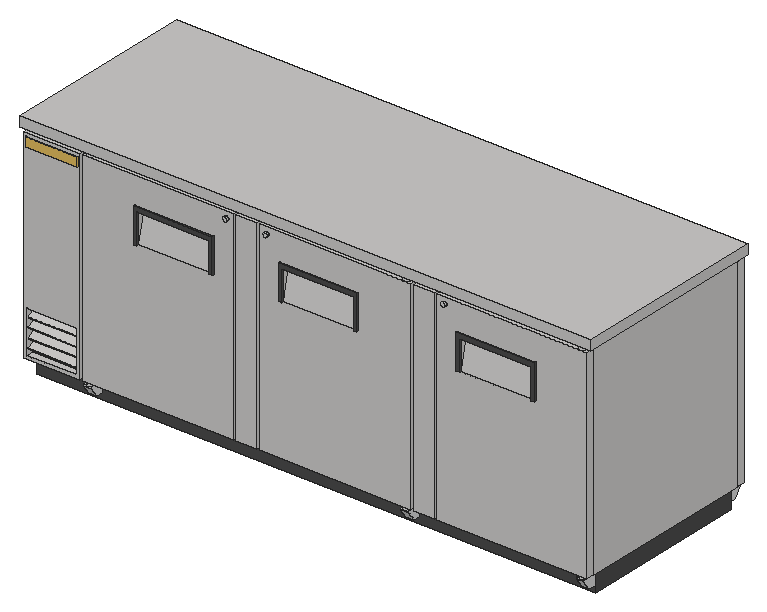
Revit family
Parameters
  Weight = "545 lbs."
  Watts = Volts * FL Amps  # 1012 W
  Volts = 115 V
  URL Manufacturer = "www.truemfg.com"
  URL Cutsheet = "www.truemfg.com"
  URL = "www.truemfg.com"
  Type Mark [instance] = ""
  Type Comments = ""
  Status [instance] = ""
  Specification by User [instance] = ""
  Specification by Manufacturer = ""
  Show Seismic Flanged [instance] = no
  Show Logo [instance] = yes
  Show Legs [instance] = no
  Show Clearance [instance] = yes
  Serial Number = ""
  Seismic Rating = ""
  Seismic Plate [instance] = and(Show Seismic Flanged, not(Show Casters))  # no
  SMACNA No = ""
  Revision Code [instance] = ""
  Phase = 1
  Omniclass Number and Title = ""
  Number of Poles [instance] = 1
  NAFEM Spec ID Number = ""
  Model = "TBB-4PT-S"
  Min Ckt Ampacity = 8.8 A
  Max Overcurrent Protection = 13.8 A
  MasterSpec. = ""
  Manufacturer = "TRUE FOOD SERVICE EQUIPMENT, INC."
  Legs [instance] = or(Show Legs, Show Seismic Flanged)  # no
  Item Number [instance] = ""
  Installed By [instance] = ""
  Identify Quantity as Lot [instance] = yes
  HP = "1/2"
  Furnished By [instance] = ""
  Foodservice Equipment Identifier [instance] = yes
  FL Amps = 8.8 A
  Electrical Remarks [instance] = ""
  Electric Connection Type [instance] = ""
  Elec Conn RI Height [instance] = 0"
  Elec Conn Connection Height [instance] = 12"
  Description = "Underbar Refrigeration Solid Swing Door Stainless Steel Pass-Thru Back Bar Cooler"
  Show Default Legs [instance] = yes
  Cycle = 60 Hz
  Conn Plug NEMA = "NEMA 5-15P"
  Conn Conduit = yes
  Show Casters [instance] = and(not(if(Show Default Legs, Show Default Legs, Show Legs)), not(if(Show Default Legs, Show Default Legs, Show Seismic Flanged)))  # no
  CSI MasterFormat = ""
  CSI Master Format = ""
  Base Height [instance] = if(Show Casters, 5", if(Legs, 6", 0"))  # 0"
  Apparent Power = if(Phase = 3, Volts * FL Amps * 1.73, Volts * FL Amps)  # 1012 VA
Reference planes (in)
  plane 1 "BACK": y = 0
  plane 2: z = 0
  plane 3 "LEFT": x = 0
  plane 4 "RIGHT": x = 90.3125
  plane 5 "FRONT": y = -30.9375
  plane 6 "TOP": z = 37
  plane 7: z = 0
Dimensions and locks (in)
  "Base Height": plane 7 to level
  plane 4 "RIGHT" to plane 3 "LEFT" = 90 5/16"  (x2)
  plane 6 "TOP" to level = 37"  (x3)
  plane 2 to plane 6 "TOP" = 37"
  plane 1 "BACK" to plane 5 "FRONT" = 30 15/16"
  plane 5 "FRONT" to plane 1 "BACK" = 30 15/16"  (x2)
  nested 1 to nested 1 = 90 5/16"
  aligned and locked: level to plane 2
  aligned and locked: plane 7 to nested 1
Nested families (in)
  nested 1: "TBB-4PT-S" at (0, -0.71875, -6), Show Logo <- "Show Logo", Show Legs <- "Show Legs", Show Clearance <- "Show Clearance", Show Casters <- "Show Casters", Seismic Plate <- "Seismic Plate", Legs <- "Legs", type "TBB-4PT-S"
    with Type Mark "", Specification by User "", Show Logo yes, Show Legs no, Show Clearance yes, Show Casters no, Seismic Plate no, Revision Code "", Logo yes, Legs no, Item Number "", Installed By "", Identify Quantity as Lot yes, Furnished By "", Foodservice Equipment Identifier yes
Connectors (in)
  electrical at (5.06169, 0.0625, 12), driven by "Volts", driven by "Watts"
    settings: on nested 1, index 1, voltage 115 V, apparent load 1012 VA, apparent load phase1 0 VA, apparent load phase2 0 VA, apparent load phase3 0 VA, power factor 1, load classification "Other", number of poles 1, system type 30, power factor state 1, is connector primary yes, connector utility no, sub classification motor no, connector description "Electrical Connection"
Definition of nested family "TBB-4PT-S"
  Parameters (values of type "TBB-4PT-S")
    URL = "www.truemfg.com"
    Type Mark [instance] = ""
    Type Comments = "www.truemfg.com"
    Specification by User [instance] = ""
    Specification by Manufacturer = ""
    Show Logo [instance] = yes
    Show Legs [instance] = yes
    Show Clearance [instance] = yes
    Show Casters [instance] = yes
    Serial Number = ""
    Seismic Rating = ""
    Seismic Plate [instance] = no
    SMACNA No = ""
    Revision Code [instance] = ""
    Omniclass Number and Title = ""
    NAFEM Spec ID Number = ""
    Model = "TBB-4PT-S"
    MasterSpec. = ""
    Manufacturer = "TRUE FOOD SERVICE EQUIPMENT, INC."
    Logo [instance] = yes
    Legs [instance] = no
    Item Number [instance] = ""
    Installed By [instance] = ""
    Identify Quantity as Lot [instance] = yes
    Furnished By [instance] = ""
    Foodservice Equipment Identifier [instance] = yes
    Description = "Underbar Refrigeration Solid Swing Door Stainless Steel Pass-Thru Back Bar Cooler"
    CSI MasterFormat = ""
    CSI Master Format = ""
    Assembly Code = ""
  Reference planes (in)
    plane 1: z = 0
    plane 2 "LEFT": x = 0
    plane 3 "RIGHT": x = 90.3125
    plane 4 "FRONT": y = -30.21875
    plane 5 "TOP": z = 43
    plane 6: z = 6
    plane 7 "BACK": y = 0.71875
  Forms (in)
    Extrusion 1, solid, material "QF_Finishes_Black"
      sketch origin (0, -2.21875, 1) x (0, 1, 0) y (0, 0, 1)
        loop
          line (0.84375, 8) -> (-25.90625, 8) -> (-25.90625, 5) -> (0.84375, 5) -> (0.84375, 8)
      from 1 to 89.3125
    Extrusion 2, solid, material "QF_Finishes_Stainless Steel", visible <- "Seismic Plate"
      sketch origin (-0.22541, -24.4251, 0) x (1, 0, 0) y (0, 1, 0)
        loop
          circle (87.37853, 21.33795) r 1.5
        loop
          circle (3.30142, 21.33795) r 1.5
        loop
          circle (87.37853, -1.98271) r 1.5
        loop
          circle (3.30142, -1.98271) r 1.5
      from 0 to 0.25
    Extrusion 3, solid, material "QF_Finishes_Stainless Steel"
      sketch origin (0, 0, 0) x (1, 0, 0) y (0, 1, 0)
        loop
          line (0.65625, -28.96875) -> (89.65625, -28.96875) -> (89.65625, -0.53125) -> (0.65625, -0.53125) -> (0.65625, -28.96875)
      from 9 to 41.5
    Extrusion 4, solid, material "QF_Finishes_Stainless Steel"
      sketch origin (0, 0, 24) x (1, 0, 0) y (0, 1, 0)
        loop
          line (0, 0.71875) -> (0, -30.21875) -> (90.3125, -30.21875) -> (90.3125, 0.71875) -> (0, 0.71875)
      from 17.5 to 19
    Revolve 5, solid, material "QF_Finishes_Stainless Steel", visible <- "Legs"
      sketch origin (89.19481, -3.18273, 0) x (-1, 0, 0) y (0, 0, 1)
        loop
          line (2, 6) -> (0.53856, 6) -> (1.25, 1) -> (1.5, 1) -> (1.5, 0) -> (2, 0) -> (2, 6)
        axis (2, 0) -> (2, 6)
      angle from 0 to 360
    Revolve 6, solid, material "QF_Finishes_Stainless Steel", visible <- "Legs"
      sketch origin (1.11769, -3.18273, 0) x (1, 0, 0) y (0, 0, -1)
        loop
          line (2, -6) -> (2, 0) -> (1.5, 0) -> (1.5, -1) -> (1.25, -1) -> (0.53856, -6) -> (2, -6)
        axis (2, 0) -> (2, -6)
      angle from 0 to 360
    Extrusion 7, solid, material "QF_Finishes_Stainless Steel"
      sketch origin (0, -29.21875, 7.375) x (0, 0, -1) y (1, 0, 0)
        loop
          line (-33.625, 62.28125) -> (-1.625, 62.28125) -> (-1.625, 65.5625) -> (-33.625, 65.5625) -> (-33.625, 62.28125)
        loop
          line (-1.625, 89.65625) -> (-33.625, 89.65625) -> (-33.625, 65.98238) -> (-1.625, 65.98238) -> (-1.625, 89.65625)
        loop
          line (-33.625, 9.87898) -> (-1.625, 9.87898) -> (-1.625, 33.76761) -> (-33.625, 33.76761) -> (-33.625, 9.87898)
        loop
          line (-1.625, 9.50398) -> (-33.625, 9.50398) -> (-33.625, 0.65625) -> (-1.625, 0.65625) -> (-1.625, 9.50398)
        loop
          line (-2.125, 1.15625) -> (-2.125, 9.00398) -> (-8.875, 9.00398) -> (-8.875, 1.15625) -> (-2.125, 1.15625)
        loop
          line (-33.625, 34.1875) -> (-1.625, 34.1875) -> (-1.625, 37.46875) -> (-33.625, 37.46875) -> (-33.625, 34.1875)
        loop
          line (-1.625, 61.875) -> (-33.625, 61.875) -> (-33.625, 37.875) -> (-1.625, 37.875) -> (-1.625, 61.875)
      from -0.14246 to 1
    Extrusion 8, solid, material "QF_Finishes_Stainless Steel"
      sketch origin (1, -2.99818, 1) x (0, -1, 0) y (0, 0, 1)
        loop
          line (27.14294, 14.02072) -> (25.97057, 14.69759) -> (25.97057, 14.40892) -> (27.01794, 13.80421) -> (27.14294, 14.02072)
        loop
          line (27.14294, 12.52072) -> (25.97057, 13.19759) -> (25.97057, 12.90891) -> (27.01794, 12.30421) -> (27.14294, 12.52072)
        loop
          line (27.14294, 11.02072) -> (25.97057, 11.69759) -> (25.97057, 11.40891) -> (27.01794, 10.80421) -> (27.14294, 11.02072)
        loop
          line (27.14294, 9.52072) -> (25.97057, 10.19759) -> (25.97057, 9.90892) -> (27.01794, 9.30421) -> (27.14294, 9.52072)
      from -8.00398 to -0.15625
    Extrusion 9, void
      sketch origin (18.09773, -2.99818, 1) x (0, 1, 0) y (0, 0, 1)
        loop
          line (-27.22057, 35.0625) -> (-27.22057, 30.3125) -> (-26.22057, 35.0625) -> (-27.22057, 35.0625)
      from 0.625 to 12
    Extrusion 10, void
      sketch origin (40.93352, -2.99818, 1) x (0, 1, 0) y (0, 0, 1)
        loop
          line (-27.22057, 35.0625) -> (-27.22057, 30.3125) -> (-26.22057, 35.0625) -> (-27.22057, 35.0625)
      from 0.625 to 12
    Revolve 11, solid, material "QF_Finishes_Stainless Steel", visible <- "Legs"
      sketch origin (89.19481, -26.37998, 0) x (-1, 0, 0) y (0, 0, 1)
        loop
          line (2, 6) -> (0.53856, 6) -> (1.25, 1) -> (1.5, 1) -> (1.5, 0) -> (2, 0) -> (2, 6)
        axis (2, 0) -> (2, 6)
      angle from 0 to 360
    Revolve 12, solid, material "QF_Finishes_Black", visible <- "Show Casters"
      sketch origin (89.19481, -25.37998, 1.5) x (-1, 0, 0) y (0, 0, -1)
        loop
          line (1.475, -3.5) -> (2.525, -3.5) -> (2.62908, -3.39592) -> (2.62908, -2.79941) -> (2.46399, -2.79941) -> (2.46399, -2.04941) -> (2.62908, -2.04941) -> (2.62908, -1.79941) -> (3.025, -1.79941) -> (3.025, -1.5) -> (0.975, -1.5) -> (0.975, -1.79941) -> (1.375, -1.79941) -> (1.375, -2.04941) -> (1.53601, -2.04941) -> (1.53601, -2.79941) -> (1.375, -2.79941) -> (1.375, -3.4) -> (1.475, -3.5)
        axis (3.025, -1.5) -> (0.975, -1.5)
      angle from 0 to 360
    Revolve 13, solid, material "QF_Finishes_Stainless Steel", visible <- "Legs"
      sketch origin (1.11769, -26.37998, 0) x (1, 0, 0) y (0, 0, -1)
        loop
          line (2, -6) -> (2, 0) -> (1.5, 0) -> (1.5, -1) -> (1.25, -1) -> (0.53856, -6) -> (2, -6)
        axis (2, 0) -> (2, -6)
      angle from 0 to 360
    Revolve 14, solid, material "QF_Finishes_Black", visible <- "Show Casters"
      sketch origin (1.11769, -25.37998, 1.5) x (1, 0, 0) y (0, 0, 1)
        loop
          line (1.475, 3.5) -> (1.375, 3.4) -> (1.375, 2.79941) -> (1.53601, 2.79941) -> (1.53601, 2.04941) -> (1.375, 2.04941) -> (1.375, 1.79941) -> (0.975, 1.79941) -> (0.975, 1.5) -> (3.025, 1.5) -> (3.025, 1.79941) -> (2.62908, 1.79941) -> (2.62908, 2.04941) -> (2.46399, 2.04941) -> (2.46399, 2.79941) -> (2.62908, 2.79941) -> (2.62908, 3.39592) -> (2.525, 3.5) -> (1.475, 3.5)
        axis (3.025, 1.5) -> (0.975, 1.5)
      angle from 0 to 360
    Revolve 15, solid, material "QF_Finishes_Black", visible <- "Show Casters"
      sketch origin (89.19481, -2.27648, 1.5) x (-1, 0, 0) y (0, 0, -1)
        loop
          line (1.475, -3.5) -> (2.525, -3.5) -> (2.62908, -3.39592) -> (2.62908, -2.79941) -> (2.46399, -2.79941) -> (2.46399, -2.04941) -> (2.62908, -2.04941) -> (2.62908, -1.79941) -> (3.025, -1.79941) -> (3.025, -1.5) -> (0.975, -1.5) -> (0.975, -1.79941) -> (1.375, -1.79941) -> (1.375, -2.04941) -> (1.53601, -2.04941) -> (1.53601, -2.79941) -> (1.375, -2.79941) -> (1.375, -3.4) -> (1.475, -3.5)
        axis (3.025, -1.5) -> (0.975, -1.5)
      angle from 0 to 360
    Revolve 16, solid, material "QF_Finishes_Black", visible <- "Show Casters"
      sketch origin (1.11769, -2.27648, 1.5) x (1, 0, 0) y (0, 0, 1)
        loop
          line (1.475, 3.5) -> (1.375, 3.4) -> (1.375, 2.79941) -> (1.53601, 2.79941) -> (1.53601, 2.04941) -> (1.375, 2.04941) -> (1.375, 1.79941) -> (0.975, 1.79941) -> (0.975, 1.5) -> (3.025, 1.5) -> (3.025, 1.79941) -> (2.62908, 1.79941) -> (2.62908, 2.04941) -> (2.46399, 2.04941) -> (2.46399, 2.79941) -> (2.62908, 2.79941) -> (2.62908, 3.39592) -> (2.525, 3.5) -> (1.475, 3.5)
        axis (3.025, 1.5) -> (0.975, 1.5)
      angle from 0 to 360
    Extrusion 17, solid, material "QF_Finishes_Handrails and Railings", visible <- "Show Casters"
      sketch origin (89.19481, -2.04914, 1.00141) x (0, 1, 0) y (0, 0, -1)
        loop
          line (-25.82548, -4.36074) -> (-23.07548, -4.36074) -> (-22.45791, -2.16805)
          arc (-22.45791, -2.16805) -> (-22.79811, -1.19773) -> (-23.82628, -1.18736) r 0.8952
          line (-23.82628, -1.18736) -> (-25.57548, -3.75589) -> (-25.82548, -3.75589) -> (-25.82548, -4.36074)
        loop
          line (-2.6077, -4.36074) -> (0.1423, -4.36074) -> (0.75987, -2.16805)
          arc (0.75987, -2.16805) -> (0.41967, -1.19773) -> (-0.6085, -1.18736) r 0.8952
          line (-0.6085, -1.18736) -> (-2.3577, -3.75589) -> (-2.6077, -3.75589) -> (-2.6077, -4.36074)
      from 1.175 to 1.325
    Extrusion 18, solid, material "QF_Finishes_Handrails and Railings", visible <- "Show Casters"
      sketch origin (136.97606, -2.24789, 1.00141) x (0, 1, 0) y (0, 0, -1)
        loop
          line (-25.62673, -4.36074) -> (-22.87673, -4.36074) -> (-22.8407, -4.06727) -> (-25.37673, -3.75589) -> (-25.62673, -3.75589) -> (-25.62673, -4.36074)
        loop
          line (-2.40895, -4.36074) -> (0.34105, -4.36074) -> (0.37709, -4.06727) -> (-2.15895, -3.75589) -> (-2.40895, -3.75589) -> (-2.40895, -4.36074)
      from 49.10625 to 50.45625
    Extrusion 19, solid, material "QF_Finishes_Handrails and Railings", visible <- "Show Casters"
      sketch origin (85.19481, -2.04914, 1.00141) x (0, 1, 0) y (0, 0, 1)
        loop
          line (-23.07548, 4.36074) -> (-25.82548, 4.36074) -> (-25.82548, 3.75589) -> (-25.57548, 3.75589) -> (-23.82628, 1.18736)
          arc (-23.82628, 1.18736) -> (-22.79811, 1.19773) -> (-22.45791, 2.16805) r 0.8952
          line (-22.45791, 2.16805) -> (-23.07548, 4.36074)
        loop
          line (-2.6077, 4.36074) -> (-2.6077, 3.75589) -> (-2.3577, 3.75589) -> (-0.6085, 1.18736)
          arc (-0.6085, 1.18736) -> (0.41967, 1.19773) -> (0.75987, 2.16805) r 0.8952
          line (0.75987, 2.16805) -> (0.1423, 4.36074) -> (-2.6077, 4.36074)
      from 1.175 to 1.325
    Extrusion 20, solid, material "QF_Finishes_Handrails and Railings", visible <- "Show Casters"
      sketch origin (1.11769, -2.04914, 1.00141) x (0, 1, 0) y (0, 0, 1)
        loop
          line (-25.82548, 4.36074) -> (-25.82548, 3.75589) -> (-25.57548, 3.75589) -> (-23.82628, 1.18736)
          arc (-23.82628, 1.18736) -> (-22.79811, 1.19773) -> (-22.45791, 2.16805) r 0.8952
          line (-22.45791, 2.16805) -> (-23.07548, 4.36074) -> (-25.82548, 4.36074)
        loop
          line (-2.6077, 4.36074) -> (-2.6077, 3.75589) -> (-2.3577, 3.75589) -> (-0.6085, 1.18736)
          arc (-0.6085, 1.18736) -> (0.41967, 1.19773) -> (0.75987, 2.16805) r 0.8952
          line (0.75987, 2.16805) -> (0.1423, 4.36074) -> (-2.6077, 4.36074)
      from 1.175 to 1.325
    Extrusion 21, solid, material "QF_Finishes_Handrails and Railings", visible <- "Show Casters"
      sketch origin (-46.66356, -2.24789, 1.00141) x (0, 1, 0) y (0, 0, 1)
        loop
          line (-25.62673, 4.36074) -> (-25.62673, 3.75589) -> (-25.37673, 3.75589) -> (-22.8407, 4.06727) -> (-22.87673, 4.36074) -> (-25.62673, 4.36074)
        loop
          line (-2.40895, 4.36074) -> (-2.40895, 3.75589) -> (-2.15895, 3.75589) -> (0.37709, 4.06727) -> (0.34105, 4.36074) -> (-2.40895, 4.36074)
      from 49.10625 to 50.45625
    Extrusion 22, solid, material "QF_Finishes_Handrails and Railings", visible <- "Show Casters"
      sketch origin (5.11769, -2.04914, 1.00141) x (0, 1, 0) y (0, 0, -1)
        loop
          line (-23.07548, -4.36074) -> (-22.45791, -2.16805)
          arc (-22.45791, -2.16805) -> (-22.79811, -1.19773) -> (-23.82628, -1.18736) r 0.8952
          line (-23.82628, -1.18736) -> (-25.57548, -3.75589) -> (-25.82548, -3.75589) -> (-25.82548, -4.36074) -> (-23.07548, -4.36074)
        loop
          line (-2.6077, -4.36074) -> (0.1423, -4.36074) -> (0.75987, -2.16805)
          arc (0.75987, -2.16805) -> (0.41967, -1.19773) -> (-0.6085, -1.18736) r 0.8952
          line (-0.6085, -1.18736) -> (-2.3577, -3.75589) -> (-2.6077, -3.75589) -> (-2.6077, -4.36074)
      from 1.175 to 1.325
    Extrusion 23, solid
      sketch origin (-2.8125, 0.78125, 6.29638) x (1, 0, 0) y (0, 0, 1)
        loop
          circle (7.87419, 11.70362) r 0.25
      from 0 to 0.0625
    Extrusion 24, solid, material "QF_Finishes_Black"
      sketch origin (0, -27.18932, 7.375) x (0, 0, -1) y (1, 0, 0)
        loop
          line (-23.9375, 30.09773) -> (-23.9375, 30.59773) -> (-29.4375, 30.59773) -> (-29.4375, 18.22273) -> (-23.9375, 18.22273) -> (-23.9375, 18.72273) -> (-28.6875, 18.72273) -> (-28.6875, 30.09773) -> (-23.9375, 30.09773)
        loop
          line (-23.9375, 41.55852) -> (-28.6875, 41.55852) -> (-28.6875, 52.93352) -> (-23.9375, 52.93352) -> (-23.9375, 53.43352) -> (-29.4375, 53.43352) -> (-29.4375, 41.05852) -> (-23.9375, 41.05852) -> (-23.9375, 41.55852)
        loop
          line (-23.9375, 69.66591) -> (-28.6875, 69.66591) -> (-28.6875, 81.04091) -> (-23.9375, 81.04091) -> (-23.9375, 81.54091) -> (-29.4375, 81.54091) -> (-29.4375, 69.16591) -> (-23.9375, 69.16591) -> (-23.9375, 69.66591)
      from 3.02943 to 3.27943
    Extrusion 25, solid, material "QF_Finishes_Handrails and Railings"
      sketch origin (0, -27.18824, 7.375) x (0, 0, -1) y (1, 0, 0)
        loop
          circle (-32.625, 32.64262) r 0.33364
        loop
          circle (-32.625, 39.01363) r 0.33364
        loop
          circle (-32.625, 67.12102) r 0.33364
      from 3.02943 to 3.27943
    Extrusion 26, solid, material "QF_Finishes_Handrails and Railings"
      sketch origin (1, -2.21875, 1) x (0, -1, 0) y (0, 0, 1)
        loop
          line (25.90625, 7.54121) -> (25.90625, 5.94148) -> (26.91628, 5.94148) -> (27.92004, 7.375) -> (27.92004, 7.54121) -> (25.90625, 7.54121)
        loop
          line (-0.84375, 7.54121) -> (-2.85754, 7.54121) -> (-2.85754, 7.375) -> (-1.85378, 5.94148) -> (-0.84375, 5.94148) -> (-0.84375, 7.54121)
      from -10.31822 to -9.08861
    Extrusion 27, solid, material "QF_Finishes_Handrails and Railings"
      sketch origin (0, 0, 0) x (1, 0, 0) y (0, 1, 0)
        loop
          circle (10.72477, -29.63879) r 0.5
        loop
          circle (60.75942, -29.63879) r 0.5
        loop
          circle (88.54067, -29.63879) r 0.5
        loop
          circle (10.72477, 0.13879) r 0.5
        loop
          circle (60.75942, 0.13879) r 0.5
        loop
          circle (88.54067, 0.13879) r 0.5
      from 8.54121 to 9
    Extrusion 28, void
      sketch origin (69.04091, -2.99818, 1) x (0, 1, 0) y (0, 0, 1)
        loop
          line (-27.22057, 35.0625) -> (-27.22057, 30.3125) -> (-26.22057, 35.0625) -> (-27.22057, 35.0625)
      from 0.625 to 12
    Extrusion 29, solid, material "QF_Finishes_Handrails and Railings"
      sketch origin (0, 0, 32.5) x (1, 0, 0) y (0, 1, 0)
        loop
          circle (10.72477, -29.63879) r 0.5
        loop
          circle (60.75942, -29.63879) r 0.5
        loop
          circle (88.54067, -29.63879) r 0.5
        loop
          circle (10.72477, 0.13879) r 0.5
        loop
          circle (60.75942, 0.13879) r 0.5
        loop
          circle (88.54067, 0.13879) r 0.5
      from 8.5 to 9
    Extrusion 30, solid, material "QF_Finishes_Chrome - Satin", visible <- "Show Casters"
      sketch origin (0, 0, 0) x (1, 0, 0) y (0, 1, 0)
        loop
          circle (3.11769, -26.48418) r 1.29707
        loop
          circle (87.19481, -26.48418) r 1.29707
        loop
          circle (87.19481, -3.2664) r 1.29707
        loop
          circle (3.11769, -3.2664) r 1.29707
      from 5.36215 to 6
    Extrusion 31, solid, material "QF_Finishes_Stainless Steel"
      sketch origin (0, -0.28125, 7.375) x (0, 0, -1) y (-1, 0, 0)
        loop
          line (-33.625, -62.28125) -> (-33.625, -65.5625) -> (-1.625, -65.5625) -> (-1.625, -62.28125) -> (-33.625, -62.28125)
        loop
          line (-1.625, -89.65625) -> (-1.625, -65.98238) -> (-33.625, -65.98238) -> (-33.625, -89.65625) -> (-1.625, -89.65625)
        loop
          line (-33.625, -9.87898) -> (-33.625, -33.76761) -> (-1.625, -33.76761) -> (-1.625, -9.87898) -> (-33.625, -9.87898)
        loop
          line (-1.625, -9.50398) -> (-1.625, -0.65625) -> (-33.625, -0.65625) -> (-33.625, -9.50398) -> (-1.625, -9.50398)
        loop
          line (-33.625, -34.1875) -> (-33.625, -37.46875) -> (-1.625, -37.46875) -> (-1.625, -34.1875) -> (-33.625, -34.1875)
        loop
          line (-1.625, -61.875) -> (-1.625, -37.875) -> (-33.625, -37.875) -> (-33.625, -61.875) -> (-1.625, -61.875)
      from -0.14246 to 1
    Extrusion 32, void
      sketch origin (18.09773, -26.50182, 1) x (0, -1, 0) y (0, 0, -1)
        loop
          line (-27.22057, -35.0625) -> (-26.22057, -35.0625) -> (-27.22057, -30.3125) -> (-27.22057, -35.0625)
      from 0.625 to 12
    Extrusion 33, solid, material "QF_Finishes_Black"
      sketch origin (0, -2.31068, 7.375) x (0, 0, -1) y (-1, 0, 0)
        loop
          line (-23.9375, -30.09773) -> (-28.6875, -30.09773) -> (-28.6875, -18.72273) -> (-23.9375, -18.72273) -> (-23.9375, -18.22273) -> (-29.4375, -18.22273) -> (-29.4375, -30.59773) -> (-23.9375, -30.59773) -> (-23.9375, -30.09773)
        loop
          line (-23.9375, -41.55852) -> (-23.9375, -41.05852) -> (-29.4375, -41.05852) -> (-29.4375, -53.43352) -> (-23.9375, -53.43352) -> (-23.9375, -52.93352) -> (-28.6875, -52.93352) -> (-28.6875, -41.55852) -> (-23.9375, -41.55852)
        loop
          line (-23.9375, -69.66591) -> (-23.9375, -69.16591) -> (-29.4375, -69.16591) -> (-29.4375, -81.54091) -> (-23.9375, -81.54091) -> (-23.9375, -81.04091) -> (-28.6875, -81.04091) -> (-28.6875, -69.66591) -> (-23.9375, -69.66591)
      from 3.02943 to 3.27943
    Extrusion 34, solid, material "QF_Finishes_Handrails and Railings"
      sketch origin (0, -2.31176, 7.375) x (0, 0, -1) y (-1, 0, 0)
        loop
          circle (-32.625, -32.64262) r 0.33364
        loop
          circle (-32.625, -39.01363) r 0.33364
        loop
          circle (-32.625, -67.12102) r 0.33364
      from 3.02943 to 3.27943
    Extrusion 35, void
      sketch origin (40.93352, -26.50182, 1) x (0, -1, 0) y (0, 0, -1)
        loop
          line (-27.22057, -35.0625) -> (-26.22057, -35.0625) -> (-27.22057, -30.3125) -> (-27.22057, -35.0625)
      from 0.625 to 12
    Extrusion 36, void
      sketch origin (69.04091, -26.50182, 1) x (0, -1, 0) y (0, 0, -1)
        loop
          line (-27.22057, -35.0625) -> (-26.22057, -35.0625) -> (-27.22057, -30.3125) -> (-27.22057, -35.0625)
      from 0.625 to 12
    Extrusion 37, solid, material "QF_Finishes_Handrails and Railings"
      sketch origin (51.03465, -2.21875, 1) x (0, -1, 0) y (0, 0, 1)
        loop
          line (25.90625, 7.54121) -> (25.90625, 5.94148) -> (26.91628, 5.94148) -> (27.92004, 7.375) -> (27.92004, 7.54121) -> (25.90625, 7.54121)
        loop
          line (-0.84375, 7.54121) -> (-2.85754, 7.54121) -> (-2.85754, 7.375) -> (-1.85378, 5.94148) -> (-0.84375, 5.94148) -> (-0.84375, 7.54121)
      from -10.31822 to -9.08861
    Extrusion 38, solid, material "QF_Finishes_Handrails and Railings"
      sketch origin (78.8159, -2.21875, 1) x (0, -1, 0) y (0, 0, 1)
        loop
          line (25.90625, 7.54121) -> (25.90625, 5.94148) -> (26.91628, 5.94148) -> (27.92004, 7.375) -> (27.92004, 7.54121) -> (25.90625, 7.54121)
        loop
          line (-0.84375, 7.54121) -> (-2.85754, 7.54121) -> (-2.85754, 7.375) -> (-1.85378, 5.94148) -> (-0.84375, 5.94148) -> (-0.84375, 7.54121)
      from -10.31822 to -9.08861
    Extrusion 39, solid, material "QF_Finishes_Door Clearance", visible <- "Show Clearance", detail levels coarse
      sketch origin (96.02444, -44.47639, 0) x (-1, 0, 0) y (0, -1, 0)
        loop
          line (62.25683, -14.25764) -> (86.14547, -14.25764) -> (86.14547, 9.631)
          arc (86.14547, 9.631) -> (69.25365, 2.63418) -> (62.25683, -14.25764) r 23.88864
        loop
          arc (30.04206, -14.25764) -> (23.10815, 2.48231) -> (6.36819, 9.41623) r 23.67387
          line (6.36819, 9.41623) -> (6.36819, -14.25764) -> (30.04206, -14.25764)
        loop
          arc (58.14944, -14.25764) -> (51.12001, 2.71293) -> (34.14945, 9.74236) r 24
          line (34.14945, 9.74236) -> (34.14945, -14.25764) -> (58.14944, -14.25764)
      from 9 to 41
    Extrusion 40, solid, material "QF_Finishes_Satin - Goldenrod", visible <- "Show Logo"
      sketch origin (-64.86824, 4.53233, 6.45785) x (1, 0, 0) y (0, 0, 1)
        loop
          line (73.97982, 34.04477) -> (65.87982, 34.04477) -> (65.87982, 32.5421) -> (73.97982, 32.5421) -> (73.97982, 34.04477)
      from 34.75108 to 34.81376
    Extrusion 41, solid, material "QF_Finishes_Door Clearance", visible <- "Show Clearance", detail levels coarse
      sketch origin (96.02444, 14.97639, 0) x (-1, 0, 0) y (0, -1, 0)
        loop
          arc (62.25683, 14.25764) -> (69.25365, -2.63418) -> (86.14547, -9.631) r 23.88864
          line (86.14547, -9.631) -> (86.14547, 14.25764) -> (62.25683, 14.25764)
        loop
          line (30.04206, 14.25764) -> (6.36819, 14.25764) -> (6.36819, -9.41623)
          arc (6.36819, -9.41623) -> (23.10815, -2.48231) -> (30.04206, 14.25764) r 23.67387
        loop
          line (58.14944, 14.25764) -> (34.14945, 14.25764) -> (34.14945, -9.74236)
          arc (34.14945, -9.74236) -> (51.12001, -2.71293) -> (58.14944, 14.25764) r 24
      from 9 to 41
  Cuts and joins
    Extrusion 9 cuts Extrusion 3
    Extrusion 9, Extrusion 10, Extrusion 28, Extrusion 32 cuts Extrusion 7
    Extrusion 28, Extrusion 32 cuts Extrusion 24
    Extrusion 32, Extrusion 35, Extrusion 36 cuts Extrusion 31
    Extrusion 32, Extrusion 35, Extrusion 36 cuts Extrusion 33
  Lines and regions (in)
    Split face 1
      outline origin (-64.86824, -30.28143, 6.45785) x (1, 0, 0) y (0, 0, 1)
        loop
          line (66.00482, 33.91977) -> (66.00482, 32.6671) -> (73.85482, 32.6671) -> (73.85482, 33.91977) -> (66.00482, 33.91977)
    Split face 2
      outline origin (-64.86824, -30.28143, 6.45785) x (1, 0, 0) y (0, 0, 1)
        loop
          line (68.27226, 33.84478) -> (66.78155, 33.84478) -> (66.16296, 32.77335) -> (67.65367, 32.77335) -> (68.27226, 33.84478)
    Split face 3
      outline origin (-64.86824, -30.28143, 6.45785) x (1, 0, 0) y (0, 0, 1)
        loop
          line (68.68561, 33.68666) -> (68.60688, 33.51782) -> (69.65417, 33.51782)
          arc (69.65417, 33.51782) -> (69.67543, 33.48023) -> (69.65417, 33.44265) r 0.04386
          line (69.65417, 33.44265) -> (69.38102, 32.85687)
          arc (69.38102, 32.85687) -> (69.37865, 32.80261) -> (69.41535, 32.76257) r 0.07096
          line (69.41535, 32.76257) -> (70.085, 32.76257)
          arc (70.085, 32.76257) -> (70.16956, 32.78923) -> (70.22354, 32.85957) r 0.14742
          line (70.22354, 32.85957) -> (70.4385, 33.32057) -> (70.636, 33.32057)
          arc (70.636, 33.32057) -> (70.68782, 33.30151) -> (70.68032, 33.24681) r 0.04405
          line (70.68032, 33.24681) -> (70.50045, 32.86108)
          arc (70.50045, 32.86108) -> (70.50325, 32.79702) -> (70.55733, 32.76257) r 0.06943
          line (70.55733, 32.76257) -> (71.14575, 32.76257)
          arc (71.14575, 32.76257) -> (71.19083, 32.77898) -> (71.21482, 32.82053) r 0.07014
          arc (71.21482, 32.82053) -> (71.2318, 32.77955) -> (71.27278, 32.76257) r 0.05796
          line (71.27278, 32.76257) -> (71.64535, 32.76257)
          arc (71.64535, 32.76257) -> (71.68839, 32.77411) -> (71.7199, 32.80561) r 0.08608
          arc (71.7199, 32.80561) -> (71.73499, 32.76919) -> (71.7714, 32.75411) r 0.0515
          line (71.7714, 32.75411) -> (72.30092, 32.75411)
          arc (72.30092, 32.75411) -> (72.34421, 32.77204) -> (72.36215, 32.81533) r 0.06122
          arc (72.36215, 32.81533) -> (72.40183, 32.77565) -> (72.45604, 32.76112) r 0.10842
          line (72.45604, 32.76112) -> (73.44796, 32.76112) -> (73.55814, 32.95197) -> (72.55765, 32.95197)
          arc (72.55765, 32.95197) -> (72.53004, 32.97111) -> (72.52901, 33.0047) r 0.03732
          line (72.52901, 33.0047) -> (72.54631, 33.04182)
          arc (72.54631, 33.04182) -> (72.57289, 33.07663) -> (72.61464, 33.08983) r 0.07263
          line (72.61464, 33.08983) -> (72.93624, 33.08983)
          arc (72.93624, 33.08983) -> (73.00565, 33.10843) -> (73.05646, 33.15924) r 0.13882
          line (73.05646, 33.15924) -> (73.1496, 33.32057)
          arc (73.1496, 33.32057) -> (73.1496, 33.40668) -> (73.07503, 33.44973) r 0.08611
          line (73.07503, 33.44973) -> (72.73562, 33.44973)
          arc (72.73562, 33.44973) -> (72.64909, 33.43503) -> (72.58873, 33.37132) r 0.13863
          line (72.58873, 33.37132) -> (72.42744, 33.02543)
          arc (72.42744, 33.02543) -> (72.37984, 32.96339) -> (72.30526, 32.93988) r 0.13002
          line (72.30526, 32.93988) -> (71.95319, 32.93988)
          arc (71.95319, 32.93988) -> (71.91105, 32.98587) -> (71.91377, 33.0482) r 0.08151
          line (71.91377, 33.0482) -> (72.10101, 33.44973) -> (71.98184, 33.44973) -> (71.78347, 33.02432)
          arc (71.78347, 33.02432) -> (71.74493, 32.97409) -> (71.68454, 32.95505) r 0.10527
          line (71.68454, 32.95505) -> (71.44177, 32.95505)
          arc (71.44177, 32.95505) -> (71.40075, 33.00851) -> (71.40954, 33.07533) r 0.08805
          line (71.40954, 33.07533) -> (71.58413, 33.44973) -> (71.46107, 33.44973) -> (71.26011, 33.01878)
          arc (71.26011, 33.01878) -> (71.21346, 32.97213) -> (71.14974, 32.95505) r 0.12745
          line (71.14974, 32.95505) -> (70.79819, 32.95505)
          arc (70.79819, 32.95505) -> (70.73505, 32.98449) -> (70.72898, 33.0539) r 0.06967
          line (70.72898, 33.0539) -> (70.84453, 33.3017) -> (71.00787, 33.3017)
          arc (71.00787, 33.3017) -> (71.03544, 33.38477) -> (71.0941, 33.44973) r 0.21289
          line (71.0941, 33.44973) -> (70.45579, 33.44973)
          arc (70.45579, 33.44973) -> (70.38486, 33.434) -> (70.33577, 33.38044) r 0.12081
          line (70.33577, 33.38044) -> (70.16275, 33.00939)
          arc (70.16275, 33.00939) -> (70.12297, 32.96961) -> (70.06863, 32.95505) r 0.10869
          line (70.06863, 32.95505) -> (69.68755, 32.95505)
          arc (69.68755, 32.95505) -> (69.65781, 32.99525) -> (69.66347, 33.04493) r 0.06822
          line (69.66347, 33.04493) -> (69.91491, 33.51782) -> (70.54931, 33.51782) -> (70.62804, 33.68666) -> (69.99364, 33.68666) -> (70.07237, 33.85549) -> (69.84669, 33.85549) -> (69.76796, 33.68666) -> (68.68561, 33.68666)
    Split face 4
      outline origin (-64.86824, -30.28143, 6.45785) x (1, 0, 0) y (0, 0, 1)
        loop
          arc (72.69272, 33.29644) -> (72.66526, 33.28908) -> (72.64515, 33.26897) r 0.05494
          line (72.64515, 33.26897) -> (72.62882, 33.21875)
          arc (72.62882, 33.21875) -> (72.63639, 33.20046) -> (72.65468, 33.19289) r 0.02586
          line (72.65468, 33.19289) -> (72.93224, 33.19289)
          arc (72.93224, 33.19289) -> (72.95223, 33.19732) -> (72.96848, 33.20979) r 0.04731
          line (72.96848, 33.20979) -> (72.98198, 33.27229)
          arc (72.98198, 33.27229) -> (72.97801, 33.28902) -> (72.96249, 33.29644) r 0.01994
          line (72.96249, 33.29644) -> (72.69272, 33.29644)
    symbolic lines, style "SpecialityEquipmentHiddenLines", visible <- "Show Casters"
      curve 1: line (1.49225, -4.62253, 0) -> (2.40158, -5.14752, 0)
      curve 2: line (3.49225, -1.15842, 0) -> (1.49225, -4.62253, 0)
      curve 3: line (4.40158, -1.68342, 0) -> (3.49225, -1.15842, 0)
      curve 4: line (2.40158, -5.14752, 0) -> (4.40158, -1.68342, 0)
      curve 5: line (1.49225, -27.65463, 0) -> (2.40158, -28.17963, 0)
      curve 6: line (3.49225, -24.19053, 0) -> (1.49225, -27.65463, 0)
      curve 7: line (4.40158, -24.71553, 0) -> (3.49225, -24.19053, 0)
      curve 8: line (2.40158, -28.17963, 0) -> (4.40158, -24.71553, 0)
      curve 9: line (85.74225, -4.62253, 0) -> (86.65158, -5.14752, 0)
      curve 10: line (87.74225, -1.15842, 0) -> (85.74225, -4.62253, 0)
      curve 11: line (88.65158, -1.68342, 0) -> (87.74225, -1.15842, 0)
      curve 12: line (86.65158, -5.14752, 0) -> (88.65158, -1.68342, 0)
      curve 13: line (85.74225, -27.65463, 0) -> (86.65158, -28.17963, 0)
      curve 14: line (87.74225, -24.19053, 0) -> (85.74225, -27.65463, 0)
      curve 15: line (88.65158, -24.71553, 0) -> (87.74225, -24.19053, 0)
      curve 16: line (86.65158, -28.17963, 0) -> (88.65158, -24.71553, 0)
    symbolic lines
      curve 17: line (0, 0.71875, 0) -> (90.3125, 0.71875, 0)
      curve 18: line (0, -30.21875, 0) -> (0, 0.71875, 0)
      curve 19: line (90.3125, -30.21875, 0) -> (0, -30.21875, 0)
      curve 20: line (90.3125, 0.71875, 0) -> (90.3125, -30.21875, 0)
    symbolic lines, style "QF-Door Swings", visible <- "Show Clearance", detail levels coarse
      curve 21: line (9.87898, -54.10739, 0) -> (9.87898, -30.21875, 0)
      curve 22: arc (33.76761, -30.21875, 0) -> (26.77079, -47.11057, 0) -> (9.87898, -54.10739, 0) r 23.88864
      curve 23: line (61.875, -54.21875, 0) -> (61.875, -30.21875, 0)
      curve 24: arc (37.875, -30.21875, 0) -> (44.90444, -47.18931, 0) -> (61.875, -54.21875, 0) r 24
      curve 25: line (89.65625, -53.89262, 0) -> (89.65625, -30.21875, 0)
      curve 26: arc (65.98238, -30.21875, 0) -> (72.9163, -46.9587, 0) -> (89.65625, -53.89262, 0) r 23.67387
      curve 27: line (9.87898, 24.60739, 0) -> (9.87898, 0.71875, 0)
      curve 28: arc (33.76761, 0.71875, 0) -> (26.77079, 17.61057, 0) -> (9.87898, 24.60739, 0) r 23.88864
      curve 29: line (61.875, 24.71875, 0) -> (61.875, 0.71875, 0)
      curve 30: arc (37.875, 0.71875, 0) -> (44.90444, 17.68931, 0) -> (61.875, 24.71875, 0) r 24
      curve 31: line (89.65625, 24.39262, 0) -> (89.65625, 0.71875, 0)
      curve 32: arc (65.98238, 0.71875, 0) -> (72.9163, 17.4587, 0) -> (89.65625, 24.39262, 0) r 23.67387
  Dimensions and locks (in)
    locked: Extrusion 1 sketch curve to Extrusion 1 sketch curve at 3
    plane 6 to level = 6"
    plane 3 "RIGHT" to plane 2 "LEFT" = 90 5/16"  (x2)
    plane 5 "TOP" to plane 6 = 37"  (x3)
    locked: Extrusion 23 sketch curve to Extrusion 23 sketch curve at 0.5
    plane 6 to cut or joined group of Extrusion 3, Extrusion 9 = 3"
    Extrusion 1 to cut or joined group of Extrusion 3, Extrusion 9 = 3"
    plane 6 to plane 5 "TOP" = 37"
    plane 7 "BACK" to plane 4 "FRONT" = 30 15/16"  (x2)
    plane 4 "FRONT" to plane 7 "BACK" = 30 15/16"
    plane 2 "LEFT" to plane 3 "RIGHT" = 90 5/16"
    aligned and locked: level to plane 1
    aligned and locked: Extrusion 3 to Extrusion 1
    aligned and locked: plane 5 "TOP" to Extrusion 4
    aligned and locked: Extrusion 4 to plane 2 "LEFT"
    aligned and locked: plane 3 "RIGHT" to Extrusion 4
    aligned and locked: Extrusion 3 to Extrusion 4
    aligned: Extrusion 7 sketch curve to Extrusion 3
    aligned and locked: Extrusion 19 sketch curve to Extrusion 17
    aligned and locked: Extrusion 22 sketch curve to Extrusion 20
    aligned and locked: plane 4 "FRONT" to Extrusion 4
    aligned and locked: plane 7 "BACK" to Extrusion 4
    aligned and locked: Extrusion 30 to Extrusion 20
